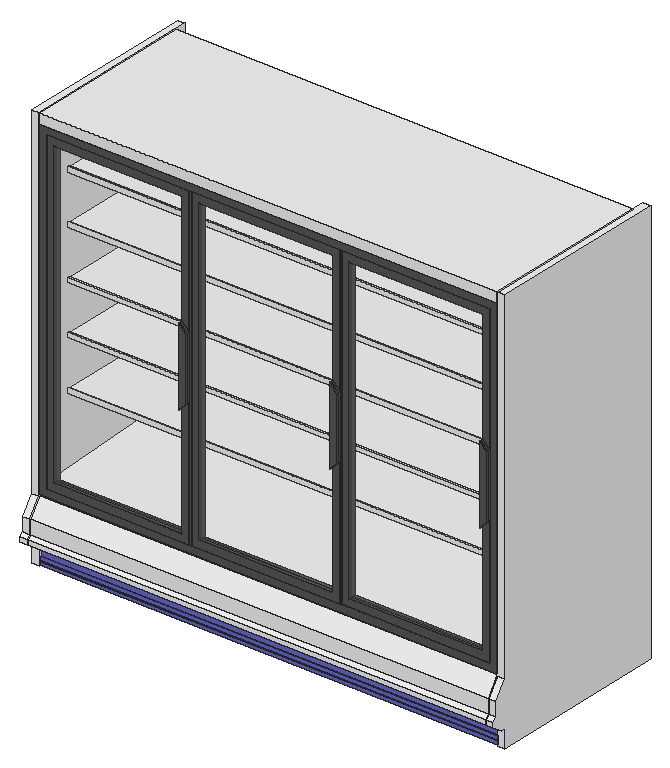
Revit family
Parameters (values of type "RMN-3DR. INNOVATOR II")
  Width = 92 1/2"
  Voltage [instance] = 120 V
  URL = "www.hussmann.com"
  Type Comments = "MT 3-Door Reach-In Merchandiser"
  Temp Sensor [instance] = "Low Voltage"
  System Control [instance] = "1.00 A"
  Standard Right End Cap On/Off [instance] = yes
  Standard Left End Cap On/Off [instance] = yes
  Revit Family Dates [instance] = "4/23/12PMA(0508)"
  Refrig. Suction [instance] = "Suction"
  Refrig. Liquid [instance] = "Liquid"
  Phase [instance] = 1
  Number of Shelves = 0
  Model = "RMN-3"
  Mirrored Right End Cap On/Off [instance] = no
  Mirrored Left End Cap On/Off [instance] = no
  Manufacturer = "Hussmann Corporation"
  MCA (Min Circ Amp) [instance] = 2.44 A
  Linear Shelf Length = 0"
  Height = 82 3/8"
  Front Height = 0"
  Frequency [instance] = 60 Hz
  Finish_Trim [instance] = Stainless Steel 2
  Finish_Top [instance] = none
  Finish_Shelf [instance] = Stainless Steel
  Finish_Handle = Black Metal
  Finish_Glass [instance] = Glass 2
  Finish_Frame = Black Metal
  Finish_Door [instance] = Black Metal
  Finish_Case [instance] = Stainless Steel
  Finish_Bumper [instance] = Blue Metal
  Finish_Base [instance] = Stainless Steel
  Drain Pipe Size = "1 1/4\" DIA"
  Description 2 = "Impact Merchandiser"
  Description = "MT 3-Door Reach-In Merchandiser"
  Depth = 39 3/4"
  Copper-Suction [instance] = Copper
  Copper-Liquid [instance] = Copper
  Case Lights Amps [instance] = "2.00 A"
  Case Lights [instance] = 2 A
  Case Fans (MCA) [instance] = "2.44 A"
  Assembly Code = ""
Reference planes (in)
  plane 1 "Center (Front/Back)": y = 0
  plane 2: z = 0
  plane 3: z = 13.375
  plane 4: z = 80.375
  plane 5: z = 82.375
  plane 6: x = -46.86949
  plane 7: x = 45.63051
  plane 8: x = -43.86949
  plane 9: x = 42.63051
  plane 10: x = -45.36949
  plane 11: x = -17.09615
  plane 12: x = 12.85718
  plane 13: x = -0.61949
  plane 14: x = 44.13051
  plane 15: y = -28
  plane 16: y = -30.625
  plane 17: y = -39.75
  plane 18: x = 40.63051
  plane 19: x = -22.11949
  plane 20: x = 20.88051
Forms (in)
  Extrusion 1, solid, material "Stainless Steel" <- "Finish_Base"
    sketch origin (-49.86949, 0, 0) x (0, 1, 0) y (0, 0, 1)
      loop
        line (-33.84766, 1.76162) -> (0, 1.76162) -> (0, 4.26162) -> (-33.84766, 4.26162) -> (-33.84766, 1.76162)
    from 4.5 to 94
  Extrusion 2, solid, material "Stainless Steel" <- "Finish_Case"
    sketch origin (-46.86949, 0, 0) x (0, 1, 0) y (0, 0, 1)
      loop
        line (-5, 4.26162) -> (-2.5, 6.76162) -> (-2.5, 82) -> (-36.8125, 82) -> (-36.8125, 80) -> (-5.25, 80) -> (-5.25, 7.94575) -> (-24.32494, 7.27964) -> (-25.55546, 6.04913) -> (-29.05546, 6.04913) -> (-31, 7.99367) -> (-33.25, 7.99367) -> (-33.25, 5.99367) -> (-30.25, 4.26162) -> (-5, 4.26162)
    from 0 to 92.5
  Extrusion 3, solid, material "Stainless Steel" <- "Finish_Case"
    sketch origin (-46.86949, 4, 0) x (0, 1, 0) y (0, 0, 1)
      loop
        line (-37.25, 13) -> (-40.75, 12.69379) -> (-43.04431, 9.41718) -> (-43.04431, 6.66718) -> (-43.75, 5.96149) -> (-43.75, 5.08872) -> (-42.51777, 4.2259) -> (-40.75, 5.99367) -> (-40.75, 7.99367) -> (-37.25, 7.99367) -> (-37.25, 13)
    from 0 to 92.5
  Extrusion 4, solid, material "Stainless Steel" <- "Finish_Case"
    sketch origin (-46.86949, 0, 0) x (0, 1, 0) y (0, 0, 1)
      loop
        line (-2.5, 4.26162) -> (0, 4.26162) -> (0, 49.76162) -> (-2.5, 49.76162) -> (-2.5, 4.26162)
    from 0 to 92.5
  Extrusion 5, solid, material "Stainless Steel" <- "Finish_Case"
    sketch origin (-46.86949, 0, 0) x (0, 1, 0) y (0, 0, 1)
      loop
        line (-5.25, 80) -> (-32.75, 80) -> (-32.75, 78.93638) -> (-7.5, 78.49127) -> (-7.5, 7.86718) -> (-5.25, 7.94575) -> (-5.25, 80)
    from 0 to 92.5
  Extrusion 6, solid
    sketch origin (-46.86949, 0, 0) x (0, 1, 0) y (0, 0, 1)
      loop
        line (-33, 78.93638) -> (-33, 77.93638) -> (-30, 77.93638) -> (-30, 78.88401) -> (-33, 78.93638)
    from 0 to 92.5
  Extrusion 7, solid, material "Stainless Steel" <- "Finish_Base"
    sketch origin (-46.86949, 0, 0) x (0, 1, 0) y (0, 0, 1)
      loop
        line (-7.5, 7.86718) -> (-7.5, 13.65118) -> (-29, 13.65118) -> (-29, 10.65118)
        arc (-29, 10.65118) -> (-29.29289, 9.94407) -> (-30, 9.65118) r 1
        line (-30, 9.65118) -> (-31.25, 9.65118)
        arc (-31.25, 9.65118) -> (-31.95711, 9.94407) -> (-32.25, 10.65118) r 1
        line (-32.25, 10.65118) -> (-32.25, 13) -> (-33.25, 13) -> (-33.25, 7.99367) -> (-31, 7.99367) -> (-29.05546, 6.04913) -> (-25.55546, 6.04913) -> (-24.32494, 7.27964) -> (-7.5, 7.86718)
    from 0 to 92.5
  Extrusion 8, solid, material "Stainless Steel" <- "Finish_Shelf"
    sketch origin (-46.86949, 0, 0) x (0, 1, 0) y (0, 0, 1)
      loop
        line (-7.5, 64.08657) -> (-7.5, 68.01162) -> (-8.5, 68.01162) -> (-8.5, 69.01162) -> (-29.5, 69.01162) -> (-29.5, 69.26162) -> (-29.75, 69.26162) -> (-29.75, 68.26162) -> (-29.5, 68.26162) -> (-29.5, 68.76162) -> (-26, 68.76162) -> (-26, 68.51162) -> (-13.81963, 68.51162) -> (-7.5, 64.08657)
      loop
        line (-7.5, 54.08657) -> (-7.5, 58.01162) -> (-8.5, 58.01162) -> (-8.5, 59.01162) -> (-29.5, 59.01162) -> (-29.5, 59.26162) -> (-29.75, 59.26162) -> (-29.75, 58.26162) -> (-29.5, 58.26162) -> (-29.5, 58.76162) -> (-26, 58.76162) -> (-26, 58.51162) -> (-13.81963, 58.51162) -> (-7.5, 54.08657)
      loop
        line (-7.5, 44.08657) -> (-7.5, 48.01162) -> (-8.5, 48.01162) -> (-8.5, 49.01162) -> (-29.5, 49.01162) -> (-29.5, 49.26162) -> (-29.75, 49.26162) -> (-29.75, 48.26162) -> (-29.5, 48.26162) -> (-29.5, 48.76162) -> (-26, 48.76162) -> (-26, 48.51162) -> (-13.81963, 48.51162) -> (-7.5, 44.08657)
      loop
        line (-7.5, 34.08657) -> (-7.5, 38.01162) -> (-8.5, 38.01162) -> (-8.5, 39.01162) -> (-29.5, 39.01162) -> (-29.5, 39.26162) -> (-29.75, 39.26162) -> (-29.75, 38.26162) -> (-29.5, 38.26162) -> (-29.5, 38.76162) -> (-26, 38.76162) -> (-26, 38.51162) -> (-13.81963, 38.51162) -> (-7.5, 34.08657)
      loop
        line (-7.5, 24.08657) -> (-7.5, 28.01162) -> (-8.5, 28.01162) -> (-8.5, 29.01162) -> (-29.5, 29.01162) -> (-29.5, 29.26162) -> (-29.75, 29.26162) -> (-29.75, 28.26162) -> (-29.5, 28.26162) -> (-29.5, 28.76162) -> (-26, 28.76162) -> (-26, 28.51162) -> (-13.81963, 28.51162) -> (-7.5, 24.08657)
      loop
        line (-34.54319, 13.47728) -> (-7.5, 14.89456) -> (-7.5, 15.89593) -> (-34.54319, 14.47866) -> (-34.54319, 13.47728)
    from 0 to 92.5
  Sweep 9, solid, material "Black Metal" <- "Finish_Frame"
    path origin (0, 0, 0) x (1, 0, 0) y (0, 0, 1)
      loop
        line (-46.86949, 80) -> (-46.86949, 13) -> (45.63051, 13) -> (45.63051, 80) -> (-46.86949, 80)
    profile origin (-0.61949, 0, 80) x (0, 0, 1) y (0, -1, 0)
      loop
        line (0, 36.8125) -> (-1.5, 36.8125) -> (-1.5, 35.3125) -> (0, 35.3125) -> (0, 36.8125)
  Extrusion 10, solid, material "Stainless Steel"
    sketch origin (-45.36949, 0, 0) x (0, 1, 0) y (0, 0, 1)
      loop
        line (0, 4.26162) -> (-33.84766, 4.26162) -> (-33.84766, 0) -> (0, 0) -> (0, 4.26162)
    from 0 to -1.5
  Extrusion 11, solid, material "Blue Metal"
    sketch origin (-49.86949, 4.8125, 0) x (0, 1, 0) y (0, 0, 1)
      loop
        line (-38.66016, 4.7871) -> (-39.66016, 5.36445) -> (-39.66016, 4.26162) -> (-41.3125, 4.55297) -> (-41.3125, 1.75) -> (-41.5625, 1.75) -> (-41.5625, 1) -> (-41.3125, 1) -> (-41.3125, 0.75) -> (-41.5625, 0.75) -> (-41.5625, 0.19004) -> (-39.66016, 0.52548) -> (-39.66016, 0) -> (-38.66016, 0) -> (-38.66016, 4.7871)
    from 3 to 95.5
  Extrusion 12, solid, material "Stainless Steel"
    sketch origin (44.13051, 0, 0) x (0, 1, 0) y (0, 0, 1)
      loop
        line (0, 4.26162) -> (-33.84766, 4.26162) -> (-33.84766, 0) -> (0, 0) -> (0, 4.26162)
    from 0 to 1.5
  Extrusion 13, solid, material "Stainless Steel"
    sketch origin (-45.36949, 0, 0) x (0, 1, 0) y (0, 0, 1)
      loop
        line (-0.5532, 1.76162) -> (-2.8032, 1.76162) -> (-2.8032, 0) -> (-0.5532, 0) -> (-0.5532, 1.76162)
      loop
        line (-29.125, 1.76162) -> (-29.125, 0) -> (-26.875, 0) -> (-26.875, 1.76162) -> (-29.125, 1.76162)
    from 0 to 89.5
  Extrusion 14, solid, material "Black Metal"
    sketch origin (0, -36.8125, 0) x (0, 0, 1) y (1, 0, 0)
      loop
        line (78.5, -45.36949) -> (78.5, -16.59615) -> (14.5, -16.59615) -> (14.5, -45.36949) -> (78.5, -45.36949)
      loop
        line (77, -43.86949) -> (77, -18.09615) -> (16, -18.09615) -> (16, -43.86949) -> (77, -43.86949)
      loop
        line (78.5, -16.09615) -> (78.5, 13.85718) -> (14.5, 13.85718) -> (14.5, -16.09615) -> (78.5, -16.09615)
      loop
        line (77, -14.59615) -> (77, 12.35718) -> (16, 12.35718) -> (16, -14.59615) -> (77, -14.59615)
      loop
        line (78.5, 14.17718) -> (78.5, 44.13051) -> (14.5, 44.13051) -> (14.5, 14.17718) -> (78.5, 14.17718)
      loop
        line (77, 15.67718) -> (77, 42.63051) -> (16, 42.63051) -> (16, 15.67718) -> (77, 15.67718)
    from 0 to 1.5
  Extrusion 15, solid, material "Glass 2"
    sketch origin (0, -36.0625, 0) x (1, 0, 0) y (0, 0, 1)
      loop
        line (-43.86949, 77) -> (-43.86949, 16) -> (-18.09615, 16) -> (-18.09615, 77) -> (-43.86949, 77)
      loop
        line (15.67718, 77) -> (15.67718, 16) -> (42.63051, 16) -> (42.63051, 77) -> (15.67718, 77)
      loop
        line (-14.59615, 77) -> (-14.59615, 16) -> (12.35718, 16) -> (12.35718, 77) -> (-14.59615, 77)
    from 0.13 to -0.13
  Extrusion 16, solid, material "Black Metal"
    sketch origin (-3.94542, 0.0625, 31.9375) x (1, 0, 0) y (0, 0, 1)
      loop
        line (-14.15074, 22.4375) -> (-14.15074, 22.08395) -> (-12.90074, 20.83395) -> (-12.90074, 8.29105) -> (-14.15074, 7.04105) -> (-14.15074, 6.6875) -> (-12.65074, 8.1875) -> (-12.65074, 20.9375) -> (-14.15074, 22.4375)
    from 36.875 to 37.375
  Extrusion 17, solid, material "Black Metal"
    sketch origin (-3.94542, -37.3125, 31.9375) x (1, 0, 0) y (0, 0, 1)
      loop
        line (-12.65074, 20.9375) -> (-14.15074, 22.4375) -> (-14.15074, 6.6875) -> (-12.65074, 8.1875) -> (-12.65074, 20.9375)
    from 0.25 to 0
  Extrusion 18, solid, material "Black Metal"
    sketch origin (26.50792, 0.0625, 31.9375) x (1, 0, 0) y (0, 0, 1)
      loop
        line (-14.15074, 22.4375) -> (-14.15074, 22.08395) -> (-12.90074, 20.83395) -> (-12.90074, 8.29105) -> (-14.15074, 7.04105) -> (-14.15074, 6.6875) -> (-12.65074, 8.1875) -> (-12.65074, 20.9375) -> (-14.15074, 22.4375)
    from 36.875 to 37.375
  Extrusion 19, solid, material "Black Metal"
    sketch origin (26.50792, -37.3125, 31.9375) x (1, 0, 0) y (0, 0, 1)
      loop
        line (-12.65074, 20.9375) -> (-14.15074, 22.4375) -> (-14.15074, 6.6875) -> (-12.65074, 8.1875) -> (-12.65074, 20.9375)
    from 0.25 to 0
  Extrusion 20, solid, material "Black Metal"
    sketch origin (56.78125, 0.0625, 31.9375) x (1, 0, 0) y (0, 0, 1)
      loop
        line (-14.15074, 22.4375) -> (-14.15074, 22.08395) -> (-12.90074, 20.83395) -> (-12.90074, 8.29105) -> (-14.15074, 7.04105) -> (-14.15074, 6.6875) -> (-12.65074, 8.1875) -> (-12.65074, 20.9375) -> (-14.15074, 22.4375)
    from 36.875 to 37.375
  Extrusion 21, solid, material "Black Metal"
    sketch origin (56.78125, -37.3125, 31.9375) x (1, 0, 0) y (0, 0, 1)
      loop
        line (-12.65074, 20.9375) -> (-14.15074, 22.4375) -> (-14.15074, 6.6875) -> (-12.65074, 8.1875) -> (-12.65074, 20.9375)
    from 0.25 to 0
  Extrusion 22, solid, material "Metal Black-door"
    sketch origin (0, -36.6825, 0) x (1, 0, 0) y (0, 0, 1)
      loop
        line (-16.59615, 78.5) -> (-16.59615, 14.5) -> (-16.09615, 14.5) -> (-16.09615, 78.5) -> (-16.59615, 78.5)
    from 0.13 to -1.37
  Extrusion 23, solid, material "Metal Black-door"
    sketch origin (0, -36.6825, 0) x (1, 0, 0) y (0, 0, 1)
      loop
        line (14.17718, 78.5) -> (13.85718, 78.5) -> (13.85718, 14.5) -> (14.17718, 14.5) -> (14.17718, 78.5)
    from 0.13 to -1.37
  Extrusion 24, solid, material "Glass 2"
    sketch origin (-30.375, 1.74963, 0) x (1, 0, 0) y (0, 1, 0)
      loop
        circle (71.00551, -34.125) r 0.25
      loop
        circle (71.00551, -34.125) r 0.23135
      loop
        circle (70.25551, -34.125) r 0.25
      loop
        circle (70.25551, -34.125) r 0.23135
      loop
        circle (69.50551, -34.125) r 0.25
      loop
        circle (69.50551, -34.125) r 0.23135
      loop
        circle (68.75551, -34.125) r 0.25
      loop
        circle (68.75551, -34.125) r 0.23135
      loop
        circle (68.00551, -34.125) r 0.25
      loop
        circle (68.00551, -34.125) r 0.23135
    from 4.26162 to 0.42689
  Extrusion 25, solid, material "Glass 2"
    sketch origin (-0.00351, -0.00037, 0) x (1, 0, 0) y (0, 1, 0)
      loop
        circle (-0.49449, -30.625) r 0.625
      loop
        circle (-0.49449, -30.625) r 0.59306
    from 4.26162 to 0.42689
  Extrusion 26, solid, material "Copper" <- "Copper-Liquid"
    sketch origin (-30.375, 3.07553, 0) x (1, 0, 0) y (0, 1, 0)
      loop
        circle (70.50164, -29.3249) r 0.1875
      loop
        circle (70.50164, -29.3249) r 0.17362
    from 4.26162 to 0.42689
  Extrusion 27, solid, material "Copper" <- "Copper-Suction"
    sketch origin (-30.375, 4.32553, 0) x (1, 0, 0) y (0, 1, 0)
      loop
        circle (71.75551, -30.57225) r 0.4375
      loop
        circle (71.75551, -30.57225) r 0.41864
    from 4.26162 to 0.42689
Lines and regions (in)
  symbolic lines
    curve 1: line (-46.86949, 0, 0) -> (45.63051, 0, 0)
    curve 2: line (-46.86949, -39.75, 0) -> (-46.86949, 0, 0)
    curve 3: line (45.63051, -39.75, 0) -> (-46.86949, -39.75, 0)
    curve 4: line (45.63051, 0, 0) -> (45.63051, -39.75, 0)
    curve 5: line (-45.36949, -39.75, 0) -> (-25.37604, -59.74344, 0)
    curve 6: line (-17.09615, -39.75, 0) -> (2.89729, -59.74344, 0)
    curve 7: line (12.85718, -39.75, 0) -> (32.85062, -59.74344, 0)
Dimensions and locks (in)
  plane 5 to level = 82 3/8"
  plane 7 to plane 6 = 92 1/2"
  plane 6 to plane 7 = 92 1/2"
  plane 15 to plane 1 "Center (Front/Back)" = 28"
  plane 16 to plane 1 "Center (Front/Back)" = 30 5/8"
  plane 17 to plane 1 "Center (Front/Back)" = 39 3/4"  (x2)
  plane 1 "Center (Front/Back)" to plane 17 = 39 3/4"
  plane 1 "Center (Front/Back)" to plane 16 = 30 5/8"
  plane 1 "Center (Front/Back)" to plane 15 = 28"
Nested families (in)
  nested 1: "Label Annotation 3-32" at (-2.11949, -7.5, 0), type "Label Annotation 3-32"
  nested 2: "RLN-INNOVATORII_END CAP MIRRORED" at (-44.75, 0, 0), visible <- "Mirrored Left End Cap On/Off", type "RLN-End Panel Mirrored"
    with Serial Number "N/A", Remarks "N/A", Received By "N/A", Furnished By "N/A", Finish_Trim Stainless Steel 2, Finish_Top none, Finish_Shelf Stainless Steel, Finish_Glass Glass 2, Finish_Door Metal Black-Door, Finish_Case Stainless Steel, Finish_Bumper Metal Blue-trim, Finish_Base Stainless Steel, Final Hookup By "N/A", Assembled By "N/A"
  nested 3: "RLN-INNOVATORII_END CAP MIRRORED" at (49.25, 0, 0), visible <- "Mirrored Right End Cap On/Off", type "RLN-End Panel Mirrored"
    with Serial Number "N/A", Remarks "N/A", Received By "N/A", Furnished By "N/A", Finish_Trim Stainless Steel 2, Finish_Top none, Finish_Shelf Stainless Steel, Finish_Glass Glass 2, Finish_Door Metal Black-Door, Finish_Case Stainless Steel, Finish_Bumper Metal Blue-trim, Finish_Base Stainless Steel, Final Hookup By "N/A", Assembled By "N/A"
  nested 4: "RLN-INNOVATORII_END PANEL" at (-44.75, 0, 0), visible <- "Standard Left End Cap On/Off", type "RLN-End Panel Mirrored"
    with Serial Number "N/A", Remarks "N/A", Received By "N/A", Furnished By "N/A", Finish_Trim Stainless Steel 2, Finish_Top none, Finish_Shelf Stainless Steel, Finish_Glass Glass 2, Finish_Door Metal Black-Door, Finish_Case Stainless Steel, Finish_Bumper Metal Blue-trim, Finish_Base Stainless Steel, Final Hookup By "N/A", Assembled By "N/A"
  nested 5: "RLN-INNOVATORII_END PANEL" at (49.25, 0, 0), visible <- "Standard Right End Cap On/Off", type "RLN-End Panel Mirrored"
    with Serial Number "N/A", Remarks "N/A", Received By "N/A", Furnished By "N/A", Finish_Trim Stainless Steel 2, Finish_Top none, Finish_Shelf Stainless Steel, Finish_Glass Glass 2, Finish_Door Metal Black-Door, Finish_Case Stainless Steel, Finish_Bumper Metal Blue-trim, Finish_Base Stainless Steel, Final Hookup By "N/A", Assembled By "N/A"
  nested 6: "Case Nodes" at (40.63051, -32.38117, 0), type "Case Nodes"
  nested 7: "Case Nodes" at (41.3923, -26.23939, 0), type "Case Nodes"
  nested 8: "Case Nodes" at (-22.11949, -36.8125, 0), type "Case Nodes"
  nested 9: "Case Nodes" at (-22.11949, -30, 0), type "Case Nodes"
  nested 10: "Case Nodes" at (20.88051, -36.8125, 0) x (-1, 0, 0) z (0, 0, 1), type "Case Nodes"
  nested 11: "Case Nodes" at (20.88051, -30, 0) x (-1, 0, 0) z (0, 0, 1), type "Case Nodes"
Connectors (in)
  piping at (-0.498, -30.62537, 0.42689), driven by "Drain Pipe Size"
    settings: on Extrusion 25, index 1, connector radius 5/8", flow factor 0, pipe flow 0 GPM, pressure drop 0.00 psi, fitting loss kfactor 0, connector angle 0.00°, fixture units 0, flow configuration 0, flow direction 2, fitting loss method 0, system type 16, connector reference index -1, connector utility 0, adjustable connector no, is connector primary yes, fitting loss table "", connector description "1 1/4\" DIA"
  electrical at (40.63051, -32.37537, 0.42689), driven by "Phase"
    settings: on Extrusion 24, index 4, voltage 208 V, apparent load 0 VA, apparent load phase1 0 VA, apparent load phase2 0 VA, apparent load phase3 0 VA, power factor 1, load classification "Power", number of poles 1, system type 30, power factor state 1, is connector primary yes, connector utility no, sub classification motor no, connector description "10.08 A"
  electrical at (39.88051, -32.37537, 0.42689), driven by "Case Fans (MCA)", driven by "Phase", driven by "Voltage"
    settings: on Extrusion 24, index 5, voltage 120 V, apparent load 0 VA, apparent load phase1 0 VA, apparent load phase2 0 VA, apparent load phase3 0 VA, power factor 1, load classification "Power", number of poles 1, system type 30, power factor state 1, is connector primary no, connector utility no, sub classification motor no, connector description "2.44 A"
  electrical at (39.13051, -32.37537, 0.42689), driven by "Phase", driven by "Voltage"
    settings: on Extrusion 24, index 6, voltage 120 V, apparent load 0 VA, apparent load phase1 0 VA, apparent load phase2 0 VA, apparent load phase3 0 VA, power factor 1, load classification "Lighting", number of poles 1, system type 30, power factor state 1, is connector primary no, connector utility no, sub classification motor no, connector description "2.0"
  electrical at (38.38051, -32.37537, 0.42689), driven by "System Control"
    settings: on Extrusion 24, index 7, voltage 0 V, apparent load 0 VA, apparent load phase1 0 VA, apparent load phase2 0 VA, apparent load phase3 0 VA, power factor 1, load classification "Other", number of poles 1, system type 13, power factor state 1, is connector primary no, connector utility no, sub classification motor no, connector description "1.00 A"
  electrical at (37.63051, -32.37537, 0.42689), driven by "Temp Sensor"
    settings: on Extrusion 24, index 8, voltage 0 V, apparent load 0 VA, apparent load phase1 0 VA, apparent load phase2 0 VA, apparent load phase3 0 VA, power factor 1, load classification "Other", number of poles 1, system type 5, power factor state 1, is connector primary no, connector utility no, sub classification motor no, connector description "Low Voltage"
  piping at (41.38051, -26.24673, 0.42689), driven by "Refrig. Suction"
    settings: on Extrusion 27, index 9, connector radius 7/16", flow factor 0, pipe flow 0 GPM, pressure drop 0.00 psi, fitting loss kfactor 0, connector angle 0.00°, fixture units 0, flow configuration 0, flow direction 2, fitting loss method 0, system type 22, connector reference index -1, connector utility 0, adjustable connector no, is connector primary no, fitting loss table "", connector description "Suction"
  piping at (40.12664, -26.24937, 0.42689), driven by "Refrig. Liquid"
    settings: on Extrusion 26, index 10, connector radius 3/16", flow factor 0, pipe flow 0 GPM, pressure drop 0.00 psi, fitting loss kfactor 0, connector angle 0.00°, fixture units 0, flow configuration 0, flow direction 1, fitting loss method 0, system type 22, connector reference index -1, connector utility 0, adjustable connector no, is connector primary no, fitting loss table "", connector description "Liquid"
Definition of nested family "RLN-INNOVATORII_END CAP MIRRORED"
  Parameters (values of type "RLN-End Panel Mirrored")
    Width = 1 1/2"
    Watts = ""
    Volts = ""
    URL = "www.hussmann.com"
    Type Comments = "N/A"
    Telephone = no
    Serial Number [instance] = "N/A"
    Remarks [instance] = "N/A"
    Refrigerant Type = "N/A"
    Received By [instance] = "N/A"
    Prototype = no
    Power = "N/A"
    PO Template = no
    Number of Shelves = 0
    Model = "RLN- Mirrored End Panel"
    Manufacturer = "Hussmann"
    Linear Shelf Length = 0"
    Item = "N/A"
    Install Date - Actual = "N/A"
    Install Data - Projected = "N/A"
    Hot Water = no
    Height = 82"
    HP = ""
    Gas Type = "N/A"
    Gas Pipe Size = "N/A"
    Furnished By [instance] = "N/A"
    Front Height = 0"
    Finish_Trim [instance] = Stainless Steel 2
    Finish_Top [instance] = none
    Finish_Shelf [instance] = Stainless Steel
    Finish_Handle = Metal Black-Door
    Finish_Glass [instance] = Glass 2
    Finish_Frame = Metal Black-Door
    Finish_Door [instance] = Metal Black-Door
    Finish_Case [instance] = Stainless Steel
    Finish_Bumper [instance] = Metal Blue-trim
    Finish_Base [instance] = Stainless Steel
    Final Hookup By [instance] = "N/A"
    Evap Temp = ""
    EMS = no
    Drain Pipe Size = "N/A"
    Divisional Use = "N/A"
    Description 2 = "Impact Merchandiser"
    Description = "Low Temperature Reach-in(Food or Ice Cream)"
    Depth = 39 3/4"
    Data = "N/A"
    Cold Water = no
    Class Code = "N/A"
    Category = "N/A"
    BTU Rating = "N/A"
    Assembly Code = "E1090320"
    Assembled By [instance] = "N/A"
    Amps = ""
    Accessories/Options = "N/A"
  Reference planes (in)
    plane 1 "Center (Front/Back)": y = 0
    plane 2: z = 0
    plane 3: y = -39.75
  Forms (in)
    Extrusion 1, solid, material "Stainless Steel" <- "Finish_Case"
      sketch origin (-3.61949, 0, 0) x (0, 1, 0) y (0, 0, 1)
        loop
          line (0, 82) -> (-36.8125, 82) -> (-36.8125, 12.60453) -> (-39.04431, 9.41718) -> (-39.04431, 6.66718) -> (-39.75, 5.96149) -> (-39.75, 5.08872) -> (-38.19514, 4) -> (-36.75, 4) -> (-36.75, 0) -> (0, 0) -> (0, 82)
      from 0 to 1.5
  Lines and regions (in)
    symbolic lines
      curve 1: line (-3.61949, 0, 0) -> (-2.11949, 0, 0)
      curve 2: line (-3.61949, -39.75, 0) -> (-3.61949, 0, 0)
      curve 3: line (-2.11949, -39.75, 0) -> (-3.61949, -39.75, 0)
      curve 4: line (-2.11949, 0, 0) -> (-2.11949, -39.75, 0)
  Dimensions and locks (in)
    plane 1 "Center (Front/Back)" to Extrusion 1 = 39 3/4"
    plane 3 to plane 1 "Center (Front/Back)" = 39 3/4"
    Extrusion 1 to Extrusion 1 = 1 1/2"
    locked: Extrusion 1 to Extrusion 1 at 1.5  (x2)
    locked: Extrusion 1 to level at 82
    aligned: curve 1 to Extrusion 1  (x2)
    aligned: curve 4 to Extrusion 1  (x2)
Definition of nested family "RLN-INNOVATORII_END PANEL"
  Parameters (values of type "RLN-End Panel")
    Width = 1 1/2"
    Watts = ""
    Volts = ""
    URL = "www.hussmann.com"
    Type Comments = "N/A"
    Telephone = no
    Serial Number [instance] = "N/A"
    Remarks [instance] = "N/A"
    Refrigerant Type = "N/A"
    Received By [instance] = "N/A"
    Prototype = no
    Power = "N/A"
    PO Template = no
    Number of Shelves = 0
    Model = "RLN- Mirrored End Panel"
    Manufacturer = "Hussmann"
    Linear Shelf Length = 0"
    Item = "N/A"
    Install Date - Actual = "N/A"
    Install Data - Projected = "N/A"
    Hot Water = no
    Height = 82"
    HP = ""
    Gas Type = "N/A"
    Gas Pipe Size = "N/A"
    Furnished By [instance] = "N/A"
    Front Height = 0"
    Finish_Trim [instance] = Stainless Steel 2
    Finish_Top [instance] = none
    Finish_Shelf [instance] = Stainless Steel
    Finish_Handle = Metal Black-Door
    Finish_Glass [instance] = Glass 2
    Finish_Frame = Metal Black-Door
    Finish_Door [instance] = Metal Black-Door
    Finish_Case [instance] = Stainless Steel
    Finish_Bumper [instance] = Metal Blue-trim
    Finish_Base [instance] = Stainless Steel
    Final Hookup By [instance] = "N/A"
    Evap Temp = ""
    EMS = no
    Drain Pipe Size = "N/A"
    Divisional Use = "N/A"
    Description 2 = "Impact Merchandiser"
    Description = "Low Temperature Reach-in(Food or Ice Cream)"
    Depth = 39 3/4"
    Data = "N/A"
    Cold Water = no
    Class Code = "N/A"
    Category = "N/A"
    BTU Rating = "N/A"
    Assembly Code = "E1090320"
    Assembled By [instance] = "N/A"
    Amps = ""
    Accessories/Options = "N/A"
  Reference planes (in)
    plane 1 "Center (Front/Back)": y = 0
    plane 2: z = 0
    plane 3: y = -39.75
  Forms (in)
    Extrusion 1, solid, material "Stainless Steel" <- "Finish_Case"
      sketch origin (-3.61949, 0, -0.37544) x (0, 1, 0) y (0, 0, 1)
        loop
          line (0, 82.375) -> (-36.8125, 82.375) -> (-36.8125, 12.97953) -> (-39.04431, 9.79218) -> (-39.04431, 7.04218) -> (-39.75, 6.33649) -> (-39.75, 5.46372) -> (-37.65959, 4) -> (-36.75, 4) -> (-36.75, 0.37544) -> (0, 0.37544) -> (0, 82.375)
      from 0 to 1.5
  Lines and regions (in)
    symbolic lines
      curve 1: line (-3.61949, 0, 0) -> (-2.11949, 0, 0)
      curve 2: line (-3.61949, -39.75, 0) -> (-3.61949, 0, 0)
      curve 3: line (-2.11949, -39.75, 0) -> (-3.61949, -39.75, 0)
      curve 4: line (-2.11949, 0, 0) -> (-2.11949, -39.75, 0)
  Dimensions and locks (in)
    plane 1 "Center (Front/Back)" to Extrusion 1 = 39 3/4"
    plane 3 to plane 1 "Center (Front/Back)" = 39 3/4"
    Extrusion 1 to Extrusion 1 = 1 1/2"
    locked: Extrusion 1 to Extrusion 1 at 1.5  (x2)
    Extrusion 1 to level = 81.99956"
    aligned: curve 1 to Extrusion 1  (x2)
    aligned: curve 4 to Extrusion 1  (x2)
Definition of nested family "Label Annotation 3-32"
  Parameters
    Label = ""
  Reference planes (in)
    plane 1: y = 0
    plane 2: x = 0
  Text (in)
    label "Label" at (0.00375, -0.00345, 0), shows "Label"
Definition of nested family "Case Nodes"
  Reference planes (in)
    plane 1 "Center (Front/Back)": y = 0
    plane 2: z = 0
    plane 3 "Center (Left/Right)": x = 0
  Lines and regions (in)
    model lines, style "InvisibleLines"
      curve 1: line (2.12132, 2.12132, 0) -> (-2.12132, -2.12132, 0)
      curve 2: line (-2.12132, 2.12132, 0) -> (2.12132, -2.12132, 0)
  Dimensions and locks (in)
    aligned and locked: plane 2 to level
